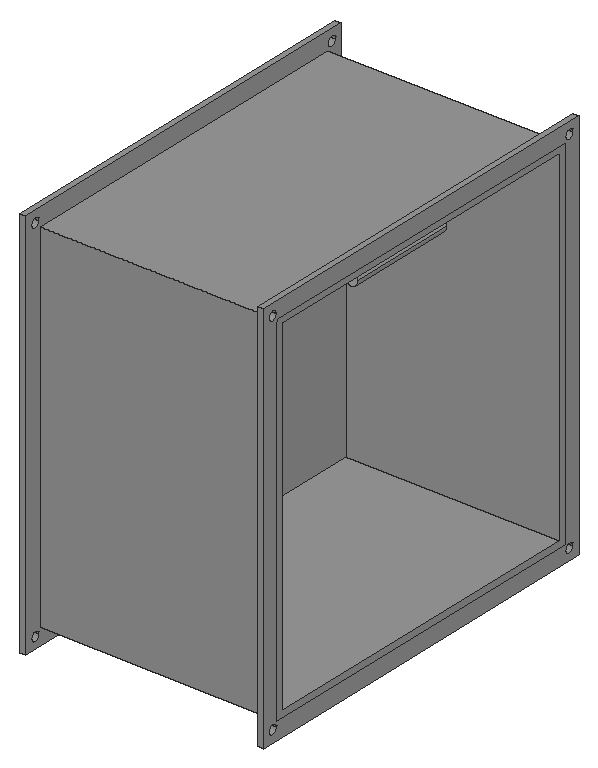
Revit family "КПДУ_Eng", category Duct Accessories, Revit 2021
Family settings
  Round Connector Dimension = Use Diameter
  Part Type = Attaches To
  Work Plane-Based = No
  Always vertical = Yes
  Cut with Voids When Loaded = No
  Shared = No
Parameters (values of type "KPDU-300х300-2-PV230-CN")
  Width = B2  # 340 mm
  Weight = 6.50 kg
  Voltage = 230 V
  Pressure_Static_Air [instance] = 0.0 Pa
  Maximum Air Flow = 0.0 L/s
  Load Classification = "HVAC"
  Length = 210 mm  # constant formula
  Height = H2  # 340 mm
  Frequency = 50 Hz  # constant formula
  Apparent Load = 12 VA
  Air Flow [instance] = 0.0 L/s
  Actuator location (outside) = yes
  Actuator location (inside) = no
  Default Elevation = 0 mm
  Type Comments = ""
  Number of sashes = "1"
  Manufacturer = "Vents"  # constant formula
  Two flanges [instance] = yes
  URL = "https://ventilation-system.com/series/kpdu"
  Hn = H + 10 mm  # 310 mm
  H3 = H / 2 - 100 mm  # 50 mm
  H2 = 340 mm
  H1 = 320 mm
  H = 300 mm
  Bn = B + 10 mm  # 310 mm
  B3 = B1 / 2  # 160 mm
  B2 = 340 mm
  Maintenance zone material = none
  Casing Material = Steel, galvanized
  B1 = 320 mm
  B = 300 mm
  09_System_Name [instance] = ""
  00_20_Type = "KPDU-300х300-2-PV230-CN"
  00_20_Name = "Multi-purpose fire safety smoke damper"  # constant formula
  00_20_Manufacturer = "Vents"  # constant formula
Types (185, lengths in mm): name | Width | Weight | Voltage | Height | Apparent Load | Actuator location (outside) | Actuator location (inside) | Number of sashes | Two flanges | Hn | H3 | H2 | H1 | H | Bn | B3 | B2 | B1 | B | 00_20_Type
  (no name) | 340 | 6.50 kg | 230 V | 340 | 12 VA | yes | no | "1" | yes | 310 | 50 | 340 | 320 | 300 | 310 | 160 | 340 | 320 | 300 | "KPDU-300х300-2-PV230-CN"
  KPDU-300х300-2-PV24-CN | 340 | 6.50 kg | 24 V | 340 | 9 VA | yes | no | "1" | yes | 310 | 50 | 340 | 320 | 300 | 310 | 160 | 340 | 320 | 300 | "KPDU-300х300-2-PV24-CN"
  KPDU-1400х1400-2-PV24-CN | 1460 | 52.00 kg | 24 V | 1460 | 18 VA | yes | no | "5" | yes | 1410 | 600 | 1460 | 1430 | 1400 | 1410 | 715 | 1460 | 1430 | 1400 | "KPDU-1400х1400-2-PV24-CN"
  KPDU-300х300-1-PV24-CN | 340 | 6.50 kg | 24 V | 340 | 9 VA | yes | no | "1" | no | 310 | 50 | 340 | 320 | 300 | 310 | 160 | 340 | 320 | 300 | "KPDU-300х300-1-PV24-CN"
  KPDU-1400х1400-1-PV24-CN | 1460 | 52.00 kg | 24 V | 1460 | 18 VA | yes | no | "5" | no | 1410 | 600 | 1460 | 1430 | 1400 | 1410 | 715 | 1460 | 1430 | 1400 | "KPDU-1400х1400-1-PV24-CN"
  KPDU-300х300-1-PV24-VN | 340 | 6.50 kg | 24 V | 340 | 9 VA | no | yes | "1" | no | 310 | 50 | 340 | 320 | 300 | 310 | 160 | 340 | 320 | 300 | "KPDU-300х300-1-PV24-VN"
  KPDU-300х300-2-PV24-VN | 340 | 6.50 kg | 24 V | 340 | 9 VA | no | yes | "1" | yes | 310 | 50 | 340 | 320 | 300 | 310 | 160 | 340 | 320 | 300 | "KPDU-300х300-2-PV24-VN"
  KPDU-1400х1400-1-PV24-VN | 1460 | 52.00 kg | 24 V | 1460 | 18 VA | no | yes | "5" | no | 1410 | 600 | 1460 | 1430 | 1400 | 1410 | 715 | 1460 | 1430 | 1400 | "KPDU-1400х1400-1-PV24-VN"
  KPDU-1400х1400-2-PV24-VN | 1460 | 52.00 kg | 24 V | 1460 | 18 VA | no | yes | "5" | yes | 1410 | 600 | 1460 | 1430 | 1400 | 1410 | 715 | 1460 | 1430 | 1400 | "KPDU-1400х1400-2-PV24-VN"
  KPDU-300х300-1-PV230-VN | 340 | 6.50 kg | 230 V | 340 | 12 VA | no | yes | "1" | no | 310 | 50 | 340 | 320 | 300 | 310 | 160 | 340 | 320 | 300 | "KPDU-300х300-1-PV230-VN"
  KPDU-300х300-1-PV230-CN | 340 | 6.50 kg | 230 V | 340 | 12 VA | yes | no | "1" | no | 310 | 50 | 340 | 320 | 300 | 310 | 160 | 340 | 320 | 300 | "KPDU-300х300-1-PV230-CN"
  KPDU-300х300-2-PV230-VN | 340 | 6.50 kg | 230 V | 340 | 12 VA | no | yes | "1" | yes | 310 | 50 | 340 | 320 | 300 | 310 | 160 | 340 | 320 | 300 | "KPDU-300х300-2-PV230-VN"
  KPDU-300х300-2-PV230-CN | 340 | 6.50 kg | 230 V | 340 | 12 VA | yes | no | "1" | yes | 310 | 50 | 340 | 320 | 300 | 310 | 160 | 340 | 320 | 300 | "KPDU-300х300-2-PV230-CN"
  KPDU-1400х1400-1-PV230-VN | 1460 | 52.00 kg | 230 V | 1460 | 15 VA | no | yes | "5" | no | 1410 | 600 | 1460 | 1430 | 1400 | 1410 | 715 | 1460 | 1430 | 1400 | "KPDU-1400х1400-1-PV230-VN"
  KPDU-1400х1400-1-PV230-CN | 1460 | 52.00 kg | 230 V | 1460 | 15 VA | yes | no | "5" | no | 1410 | 600 | 1460 | 1430 | 1400 | 1410 | 715 | 1460 | 1430 | 1400 | "KPDU-1400х1400-1-PV230-CN"
  KPDU-1400х1400-2-PV230-VN | 1460 | 52.00 kg | 230 V | 1460 | 15 VA | no | yes | "5" | yes | 1410 | 600 | 1460 | 1430 | 1400 | 1410 | 715 | 1460 | 1430 | 1400 | "KPDU-1400х1400-2-PV230-VN"
  KPDU-1400х1400-2-PV230-CN | 1460 | 52.00 kg | 230 V | 1460 | 15 VA | yes | no | "5" | yes | 1410 | 600 | 1460 | 1430 | 1400 | 1410 | 715 | 1460 | 1430 | 1400 | "KPDU-1400х1400-2-PV230-CN"
  KPDU-350х350-1-PV230-VN | 390 | 7.80 kg | 230 V | 390 | 12 VA | no | yes | "1" | no | 360 | 75 | 390 | 370 | 350 | 360 | 185 | 390 | 370 | 350 | "KPDU-350х350-1-PV230-VN"
  KPDU-350х350-1-PV230-CN | 390 | 7.80 kg | 230 V | 390 | 12 VA | yes | no | "1" | no | 360 | 75 | 390 | 370 | 350 | 360 | 185 | 390 | 370 | 350 | "KPDU-350х350-1-PV230-CN"
  KPDU-350х350-1-PV24-VN | 390 | 7.80 kg | 24 V | 390 | 9 VA | no | yes | "1" | no | 360 | 75 | 390 | 370 | 350 | 360 | 185 | 390 | 370 | 350 | "KPDU-350х350-1-PV24-VN"
  KPDU-350х350-1-PV24-CN | 390 | 7.80 kg | 24 V | 390 | 9 VA | yes | no | "1" | no | 360 | 75 | 390 | 370 | 350 | 360 | 185 | 390 | 370 | 350 | "KPDU-350х350-1-PV24-CN"
  KPDU-350х350-2-PV230-VN | 390 | 7.80 kg | 230 V | 390 | 12 VA | no | yes | "1" | yes | 360 | 75 | 390 | 370 | 350 | 360 | 185 | 390 | 370 | 350 | "KPDU-350х350-2-PV230-VN"
  KPDU-350х350-2-PV230-CN | 390 | 7.80 kg | 230 V | 390 | 12 VA | yes | no | "1" | yes | 360 | 75 | 390 | 370 | 350 | 360 | 185 | 390 | 370 | 350 | "KPDU-350х350-2-PV230-CN"
  KPDU-350х350-2-PV24-VN | 390 | 7.80 kg | 24 V | 390 | 9 VA | no | yes | "1" | yes | 360 | 75 | 390 | 370 | 350 | 360 | 185 | 390 | 370 | 350 | "KPDU-350х350-2-PV24-VN"
  KPDU-350х350-2-PV24-CN | 390 | 7.80 kg | 24 V | 390 | 9 VA | yes | no | "1" | yes | 360 | 75 | 390 | 370 | 350 | 360 | 185 | 390 | 370 | 350 | "KPDU-350х350-2-PV24-CN"
  KPDU-400х400-1-PV230-VN | 440 | 9.50 kg | 230 V | 440 | 12 VA | no | yes | "2" | no | 410 | 100 | 440 | 420 | 400 | 410 | 210 | 440 | 420 | 400 | "KPDU-400х400-1-PV230-VN"
  KPDU-400х400-1-PV230-CN | 440 | 9.50 kg | 230 V | 440 | 12 VA | yes | no | "2" | no | 410 | 100 | 440 | 420 | 400 | 410 | 210 | 440 | 420 | 400 | "KPDU-400х400-1-PV230-CN"
  KPDU-400х400-1-PV24-CN | 440 | 9.50 kg | 24 V | 440 | 9 VA | yes | no | "2" | no | 410 | 100 | 440 | 420 | 400 | 410 | 210 | 440 | 420 | 400 | "KPDU-400х400-1-PV24-CN"
  KPDU-400х400-1-PV24-VN | 440 | 9.50 kg | 24 V | 440 | 9 VA | no | yes | "2" | no | 410 | 100 | 440 | 420 | 400 | 410 | 210 | 440 | 420 | 400 | "KPDU-400х400-1-PV24-VN"
  KPDU-400х400-2-PV230-VN | 440 | 9.50 kg | 230 V | 440 | 12 VA | no | yes | "2" | yes | 410 | 100 | 440 | 420 | 400 | 410 | 210 | 440 | 420 | 400 | "KPDU-400х400-2-PV230-VN"
  KPDU-400х400-2-PV230-CN | 440 | 9.50 kg | 230 V | 440 | 12 VA | yes | no | "2" | yes | 410 | 100 | 440 | 420 | 400 | 410 | 210 | 440 | 420 | 400 | "KPDU-400х400-2-PV230-CN"
  KPDU-400х400-2-PV24-VN | 440 | 9.50 kg | 24 V | 440 | 9 VA | no | yes | "2" | yes | 410 | 100 | 440 | 420 | 400 | 410 | 210 | 440 | 420 | 400 | "KPDU-400х400-2-PV24-VN"
  KPDU-400х400-2-PV24-CN | 440 | 9.50 kg | 24 V | 440 | 9 VA | yes | no | "2" | yes | 410 | 100 | 440 | 420 | 400 | 410 | 210 | 440 | 420 | 400 | "KPDU-400х400-2-PV24-CN"
  KPDU-450х450-1-PV230-VN | 490 | 11.30 kg | 230 V | 490 | 12 VA | no | yes | "2" | no | 460 | 125 | 490 | 470 | 450 | 460 | 235 | 490 | 470 | 450 | "KPDU-450х450-1-PV230-VN"
  KPDU-450х450-1-PV230-CN | 490 | 11.30 kg | 230 V | 490 | 12 VA | yes | no | "2" | no | 460 | 125 | 490 | 470 | 450 | 460 | 235 | 490 | 470 | 450 | "KPDU-450х450-1-PV230-CN"
  KPDU-450х450-1-PV24-VN | 490 | 11.30 kg | 24 V | 490 | 9 VA | no | yes | "2" | no | 460 | 125 | 490 | 470 | 450 | 460 | 235 | 490 | 470 | 450 | "KPDU-450х450-1-PV24-VN"
  KPDU-450х450-1-PV24-CN | 490 | 11.30 kg | 24 V | 490 | 9 VA | yes | no | "2" | no | 460 | 125 | 490 | 470 | 450 | 460 | 235 | 490 | 470 | 450 | "KPDU-450х450-1-PV24-CN"
  KPDU-450х450-2-PV230-VN | 490 | 11.30 kg | 230 V | 490 | 12 VA | no | yes | "2" | yes | 460 | 125 | 490 | 470 | 450 | 460 | 235 | 490 | 470 | 450 | "KPDU-450х450-2-PV230-VN"
  KPDU-450х450-2-PV230-CN | 490 | 11.30 kg | 230 V | 490 | 12 VA | yes | no | "2" | yes | 460 | 125 | 490 | 470 | 450 | 460 | 235 | 490 | 470 | 450 | "KPDU-450х450-2-PV230-CN"
  KPDU-450х450-2-PV24-VN | 490 | 11.30 kg | 24 V | 490 | 9 VA | no | yes | "2" | yes | 460 | 125 | 490 | 470 | 450 | 460 | 235 | 490 | 470 | 450 | "KPDU-450х450-2-PV24-VN"
  KPDU-450х450-2-PV24-CN | 490 | 11.30 kg | 24 V | 490 | 9 VA | yes | no | "2" | yes | 460 | 125 | 490 | 470 | 450 | 460 | 235 | 490 | 470 | 450 | "KPDU-450х450-2-PV24-CN"
  KPDU-500х500-1-PV230-VN | 540 | 12.10 kg | 230 V | 540 | 12 VA | no | yes | "2" | no | 510 | 150 | 540 | 520 | 500 | 510 | 260 | 540 | 520 | 500 | "KPDU-500х500-1-PV230-VN"
  KPDU-500х500-1-PV230-CN | 540 | 12.10 kg | 230 V | 540 | 12 VA | yes | no | "2" | no | 510 | 150 | 540 | 520 | 500 | 510 | 260 | 540 | 520 | 500 | "KPDU-500х500-1-PV230-CN"
  KPDU-500х500-1-PV24-VN | 540 | 12.10 kg | 24 V | 540 | 9 VA | no | yes | "2" | no | 510 | 150 | 540 | 520 | 500 | 510 | 260 | 540 | 520 | 500 | "KPDU-500х500-1-PV24-VN"
  KPDU-500х500-1-PV24-CN | 540 | 12.10 kg | 24 V | 540 | 9 VA | yes | no | "2" | no | 510 | 150 | 540 | 520 | 500 | 510 | 260 | 540 | 520 | 500 | "KPDU-500х500-1-PV24-CN"
  KPDU-500х500-2-PV230-VN | 540 | 12.10 kg | 230 V | 540 | 12 VA | no | yes | "2" | yes | 510 | 150 | 540 | 520 | 500 | 510 | 260 | 540 | 520 | 500 | "KPDU-500х500-2-PV230-VN"
  KPDU-500х500-2-PV230-CN | 540 | 12.10 kg | 230 V | 540 | 12 VA | yes | no | "2" | yes | 510 | 150 | 540 | 520 | 500 | 510 | 260 | 540 | 520 | 500 | "KPDU-500х500-2-PV230-CN"
  KPDU-500х500-2-PV24-VN | 540 | 12.10 kg | 24 V | 540 | 9 VA | no | yes | "2" | yes | 510 | 150 | 540 | 520 | 500 | 510 | 260 | 540 | 520 | 500 | "KPDU-500х500-2-PV24-VN"
  KPDU-500х500-2-PV24-CN | 540 | 12.10 kg | 24 V | 540 | 9 VA | yes | no | "2" | yes | 510 | 150 | 540 | 520 | 500 | 510 | 260 | 540 | 520 | 500 | "KPDU-500х500-2-PV24-CN"
  KPDU-550х550-1-PV230-VN | 610 | 14.20 kg | 230 V | 610 | 15 VA | no | yes | "2" | no | 560 | 175 | 610 | 580 | 550 | 560 | 290 | 610 | 580 | 550 | "KPDU-550х550-1-PV230-VN"
  KPDU-550х550-1-PV230-CN | 610 | 14.20 kg | 230 V | 610 | 15 VA | yes | no | "2" | no | 560 | 175 | 610 | 580 | 550 | 560 | 290 | 610 | 580 | 550 | "KPDU-550х550-1-PV230-CN"
  KPDU-550х550-1-PV24-VN | 610 | 14.20 kg | 24 V | 610 | 18 VA | no | yes | "2" | no | 560 | 175 | 610 | 580 | 550 | 560 | 290 | 610 | 580 | 550 | "KPDU-550х550-1-PV24-VN"
  KPDU-550х550-1-PV24-CN | 610 | 14.20 kg | 24 V | 610 | 18 VA | yes | no | "2" | no | 560 | 175 | 610 | 580 | 550 | 560 | 290 | 610 | 580 | 550 | "KPDU-550х550-1-PV24-CN"
  KPDU-550х550-2-PV230-VN | 610 | 14.20 kg | 230 V | 610 | 15 VA | no | yes | "2" | yes | 560 | 175 | 610 | 580 | 550 | 560 | 290 | 610 | 580 | 550 | "KPDU-550х550-2-PV230-VN"
  KPDU-550х550-2-PV230-CN | 610 | 14.20 kg | 230 V | 610 | 15 VA | yes | no | "У" | yes | 560 | 175 | 610 | 580 | 550 | 560 | 290 | 610 | 580 | 550 | "KPDU-550х550-2-PV230-CN"
  KPDU-550х550-2-PV24-VN | 610 | 14.20 kg | 24 V | 610 | 18 VA | no | yes | "2" | yes | 560 | 175 | 610 | 580 | 550 | 560 | 290 | 610 | 580 | 550 | "KPDU-550х550-2-PV24-VN"
  KPDU-550х550-2-PV24-CN | 610 | 14.20 kg | 24 V | 610 | 18 VA | yes | no | "2" | yes | 560 | 175 | 610 | 580 | 550 | 560 | 290 | 610 | 580 | 550 | "KPDU-550х550-2-PV24-CN"
  KPDU-600х600-1-PV230-VN | 660 | 17.00 kg | 230 V | 660 | 15 VA | no | yes | "3" | no | 610 | 200 | 660 | 630 | 600 | 610 | 315 | 660 | 630 | 600 | "KPDU-600х600-1-PV230-VN"
  KPDU-600х600-1-PV230-CN | 660 | 17.00 kg | 230 V | 660 | 15 VA | yes | no | "3" | no | 610 | 200 | 660 | 630 | 600 | 610 | 315 | 660 | 630 | 600 | "KPDU-600х600-1-PV230-CN"
  KPDU-600х600-1-PV24-VN | 660 | 17.00 kg | 24 V | 660 | 18 VA | no | yes | "3" | no | 610 | 200 | 660 | 630 | 600 | 610 | 315 | 660 | 630 | 600 | "KPDU-600х600-1-PV24-VN"
  KPDU-600х600-1-PV24-CN | 660 | 17.00 kg | 24 V | 660 | 18 VA | yes | no | "3" | no | 610 | 200 | 660 | 630 | 600 | 610 | 315 | 660 | 630 | 600 | "KPDU-600х600-1-PV24-CN"
  KPDU-600х600-2-PV230-VN | 660 | 17.00 kg | 230 V | 660 | 15 VA | no | yes | "3" | yes | 610 | 200 | 660 | 630 | 600 | 610 | 315 | 660 | 630 | 600 | "KPDU-600х600-2-PV230-VN"
  KPDU-600х600-2-PV230-CN | 660 | 17.00 kg | 230 V | 660 | 15 VA | yes | no | "3" | yes | 610 | 200 | 660 | 630 | 600 | 610 | 315 | 660 | 630 | 600 | "KPDU-600х600-2-PV230-CN"
  KPDU-600х600-2-PV24-VN | 660 | 17.00 kg | 24 V | 660 | 18 VA | no | yes | "3" | yes | 610 | 200 | 660 | 630 | 600 | 610 | 315 | 660 | 630 | 600 | "KPDU-600х600-2-PV24-VN"
  KPDU-600х600-2-PV24-CN | 660 | 17.00 kg | 24 V | 660 | 18 VA | yes | no | "3" | yes | 610 | 200 | 660 | 630 | 600 | 610 | 315 | 660 | 630 | 600 | "KPDU-600х600-2-PV24-CN"
  KPDU-650х650-1-PV230-VN | 710 | 19.00 kg | 230 V | 710 | 15 VA | no | yes | "3" | no | 660 | 225 | 710 | 680 | 650 | 660 | 340 | 710 | 680 | 650 | "KPDU-650х650-1-PV230-VN"
  KPDU-650х650-1-PV230-CN | 710 | 19.00 kg | 230 V | 710 | 15 VA | yes | no | "3" | no | 660 | 225 | 710 | 680 | 650 | 660 | 340 | 710 | 680 | 650 | "KPDU-650х650-1-PV230-CN"
  KPDU-650х650-1-PV24-VN | 710 | 19.00 kg | 24 V | 710 | 18 VA | no | yes | "3" | no | 660 | 225 | 710 | 680 | 650 | 660 | 340 | 710 | 680 | 650 | "KPDU-650х650-1-PV24-VN"
  KPDU-650х650-1-PV24-CN | 710 | 19.00 kg | 24 V | 710 | 18 VA | yes | no | "3" | no | 660 | 225 | 710 | 680 | 650 | 660 | 340 | 710 | 680 | 650 | "KPDU-650х650-1-PV24-CN"
  KPDU-650х650-2-PV230-VN | 710 | 19.00 kg | 230 V | 710 | 15 VA | no | yes | "3" | yes | 660 | 225 | 710 | 680 | 650 | 660 | 340 | 710 | 680 | 650 | "KPDU-650х650-2-PV230-VN"
  KPDU-650х650-2-PV230-CN | 710 | 19.00 kg | 230 V | 710 | 15 VA | yes | no | "3" | yes | 660 | 225 | 710 | 680 | 650 | 660 | 340 | 710 | 680 | 650 | "KPDU-650х650-2-PV230-CN"
  KPDU-650х650-2-PV24-VN | 710 | 19.00 kg | 24 V | 710 | 18 VA | no | yes | "3" | yes | 660 | 225 | 710 | 680 | 650 | 660 | 340 | 710 | 680 | 650 | "KPDU-650х650-2-PV24-VN"
  KPDU-650х650-2-PV24-CN | 710 | 19.00 kg | 24 V | 710 | 18 VA | yes | no | "3" | yes | 660 | 225 | 710 | 680 | 650 | 660 | 340 | 710 | 680 | 650 | "KPDU-650х650-2-PV24-CN"
  KPDU-700х700-1-PV230-VN | 760 | 20.30 kg | 230 V | 760 | 15 VA | no | yes | "3" | no | 710 | 250 | 760 | 730 | 700 | 710 | 365 | 760 | 730 | 700 | "KPDU-700х700-1-PV230-VN"
  KPDU-700х700-1-PV230-CN | 760 | 20.30 kg | 230 V | 760 | 15 VA | yes | no | "3" | no | 710 | 250 | 760 | 730 | 700 | 710 | 365 | 760 | 730 | 700 | "KPDU-700х700-1-PV230-CN"
  KPDU-700х700-1-PV24-VN | 760 | 20.30 kg | 24 V | 760 | 18 VA | no | yes | "3" | no | 710 | 250 | 760 | 730 | 700 | 710 | 365 | 760 | 730 | 700 | "KPDU-700х700-1-PV24-VN"
  KPDU-700х700-1-PV24-CN | 760 | 20.30 kg | 24 V | 760 | 18 VA | yes | no | "3" | no | 710 | 250 | 760 | 730 | 700 | 710 | 365 | 760 | 730 | 700 | "KPDU-700х700-1-PV24-CN"
  KPDU-700х700-2-PV230-VN | 760 | 20.30 kg | 230 V | 760 | 15 VA | no | yes | "3" | yes | 710 | 250 | 760 | 730 | 700 | 710 | 365 | 760 | 730 | 700 | "KPDU-700х700-2-PV230-VN"
  KPDU-700х700-2-PV230-CN | 760 | 20.30 kg | 230 V | 760 | 15 VA | yes | no | "3" | yes | 710 | 250 | 760 | 730 | 700 | 710 | 365 | 760 | 730 | 700 | "KPDU-700х700-2-PV230-CN"
  KPDU-700х700-2-PV24-VN | 760 | 20.30 kg | 24 V | 760 | 18 VA | no | yes | "3" | yes | 710 | 250 | 760 | 730 | 700 | 710 | 365 | 760 | 730 | 700 | "KPDU-700х700-2-PV24-VN"
  KPDU-700х700-2-PV24-CN | 760 | 20.30 kg | 24 V | 760 | 18 VA | yes | no | "3" | yes | 710 | 250 | 760 | 730 | 700 | 710 | 365 | 760 | 730 | 700 | "KPDU-700х700-2-PV24-CN"
  KPDU-750х750-1-PV230-VN | 810 | 22.10 kg | 230 V | 810 | 15 VA | no | yes | "3" | no | 760 | 275 | 810 | 780 | 750 | 760 | 390 | 810 | 780 | 750 | "KPDU-750х750-1-PV230-VN"
  KPDU-750х750-1-PV230-CN | 810 | 22.10 kg | 230 V | 810 | 15 VA | yes | no | "3" | no | 760 | 275 | 810 | 780 | 750 | 760 | 390 | 810 | 780 | 750 | "KPDU-750х750-1-PV230-CN"
  KPDU-750х750-1-PV24-VN | 810 | 22.10 kg | 24 V | 810 | 18 VA | no | yes | "3" | no | 760 | 275 | 810 | 780 | 750 | 760 | 390 | 810 | 780 | 750 | "KPDU-750х750-1-PV24-VN"
  KPDU-750х750-1-PV24-CN | 810 | 22.10 kg | 24 V | 810 | 18 VA | yes | no | "3" | no | 760 | 275 | 810 | 780 | 750 | 760 | 390 | 810 | 780 | 750 | "KPDU-750х750-1-PV24-CN"
  KPDU-750х750-2-PV230-VN | 810 | 22.10 kg | 230 V | 810 | 15 VA | no | yes | "3" | yes | 760 | 275 | 810 | 780 | 750 | 760 | 390 | 810 | 780 | 750 | "KPDU-750х750-2-PV230-VN"
  KPDU-750х750-2-PV230-CN | 810 | 22.10 kg | 230 V | 810 | 15 VA | yes | no | "3" | yes | 760 | 275 | 810 | 780 | 750 | 760 | 390 | 810 | 780 | 750 | "KPDU-750х750-2-PV230-CN"
  KPDU-750х750-2-PV24-VN | 810 | 22.10 kg | 24 V | 810 | 18 VA | no | yes | "3" | yes | 760 | 275 | 810 | 780 | 750 | 760 | 390 | 810 | 780 | 750 | "KPDU-750х750-2-PV24-VN"
  KPDU-750х750-2-PV24-CN | 810 | 22.10 kg | 24 V | 810 | 18 VA | yes | no | "3" | yes | 760 | 275 | 810 | 780 | 750 | 760 | 390 | 810 | 780 | 750 | "KPDU-750х750-2-PV24-CN"
  KPDU-800х800-1-PV230-VN | 860 | 24.80 kg | 230 V | 860 | 15 VA | no | yes | "4" | no | 810 | 300 | 860 | 830 | 800 | 810 | 415 | 860 | 830 | 800 | "KPDU-800х800-1-PV230-VN"
  KPDU-800х800-1-PV230-CN | 860 | 24.80 kg | 230 V | 860 | 15 VA | yes | no | "4" | no | 810 | 300 | 860 | 830 | 800 | 810 | 415 | 860 | 830 | 800 | "KPDU-800х800-1-PV230-CN"
  KPDU-800х800-1-PV24-VN | 860 | 24.80 kg | 24 V | 860 | 18 VA | no | yes | "4" | no | 810 | 300 | 860 | 830 | 800 | 810 | 415 | 860 | 830 | 800 | "KPDU-800х800-1-PV24-VN"
  KPDU-800х800-1-PV24-CN | 860 | 24.80 kg | 24 V | 860 | 18 VA | yes | no | "4" | no | 810 | 300 | 860 | 830 | 800 | 810 | 415 | 860 | 830 | 800 | "KPDU-800х800-1-PV24-CN"
  KPDU-800х800-2-PV230-VN | 860 | 24.80 kg | 230 V | 860 | 15 VA | no | yes | "4" | yes | 810 | 300 | 860 | 830 | 800 | 810 | 415 | 860 | 830 | 800 | "KPDU-800х800-2-PV230-VN"
  KPDU-800х800-2-PV230-CN | 860 | 24.80 kg | 230 V | 860 | 15 VA | yes | no | "4" | yes | 810 | 300 | 860 | 830 | 800 | 810 | 415 | 860 | 830 | 800 | "KPDU-800х800-2-PV230-CN"
  KPDU-800х800-2-PV24-VN | 860 | 24.80 kg | 24 V | 860 | 18 VA | no | yes | "4" | yes | 810 | 300 | 860 | 830 | 800 | 810 | 415 | 860 | 830 | 800 | "KPDU-800х800-2-PV24-VN"
  KPDU-800х800-2-PV24-CN | 860 | 24.80 kg | 24 V | 860 | 18 VA | yes | no | "4" | yes | 810 | 300 | 860 | 830 | 800 | 810 | 415 | 860 | 830 | 800 | "KPDU-800х800-2-PV24-CN"
  KPDU-850х850-1-PV230-VN | 910 | 26.80 kg | 230 V | 910 | 15 VA | no | yes | "4" | no | 860 | 325 | 910 | 880 | 850 | 860 | 440 | 910 | 880 | 850 | "KPDU-850х850-1-PV230-VN"
  KPDU-850х850-1-PV230-CN | 910 | 26.80 kg | 230 V | 910 | 15 VA | yes | no | "4" | no | 860 | 325 | 910 | 880 | 850 | 860 | 440 | 910 | 880 | 850 | "KPDU-850х850-1-PV230-CN"
  KPDU-850х850-1-PV24-VN | 910 | 26.80 kg | 24 V | 910 | 18 VA | no | yes | "4" | no | 860 | 325 | 910 | 880 | 850 | 860 | 440 | 910 | 880 | 850 | "KPDU-850х850-1-PV24-VN"
  KPDU-850х850-1-PV24-CN | 910 | 26.80 kg | 24 V | 910 | 18 VA | yes | no | "4" | no | 860 | 325 | 910 | 880 | 850 | 860 | 440 | 910 | 880 | 850 | "KPDU-850х850-1-PV24-CN"
  KPDU-850х850-2-PV230-VN | 910 | 26.80 kg | 230 V | 910 | 15 VA | no | yes | "4" | yes | 860 | 325 | 910 | 880 | 850 | 860 | 440 | 910 | 880 | 850 | "KPDU-850х850-2-PV230-VN"
  KPDU-850х850-2-PV230-CN | 910 | 26.80 kg | 230 V | 910 | 15 VA | yes | no | "4" | yes | 860 | 325 | 910 | 880 | 850 | 860 | 440 | 910 | 880 | 850 | "KPDU-850х850-2-PV230-CN"
  KPDU-850х850-2-PV24-VN | 910 | 26.80 kg | 24 V | 910 | 18 VA | no | yes | "4" | yes | 860 | 325 | 910 | 880 | 850 | 860 | 440 | 910 | 880 | 850 | "KPDU-850х850-2-PV24-VN"
  KPDU-850х850-2-PV24-CN | 910 | 26.80 kg | 24 V | 910 | 18 VA | yes | no | "4" | yes | 860 | 325 | 910 | 880 | 850 | 860 | 440 | 910 | 880 | 850 | "KPDU-850х850-2-PV24-CN"
  KPDU-900х900-1-PV230-VN | 960 | 28.80 kg | 230 V | 960 | 15 VA | no | yes | "4" | no | 910 | 350 | 960 | 930 | 900 | 910 | 465 | 960 | 930 | 900 | "KPDU-900х900-1-PV230-VN"
  KPDU-900х900-1-PV230-CN | 960 | 28.80 kg | 230 V | 960 | 15 VA | yes | no | "4" | no | 910 | 350 | 960 | 930 | 900 | 910 | 465 | 960 | 930 | 900 | "KPDU-900х900-1-PV230-CN"
  KPDU-900х900-1-PV24-VN | 960 | 28.80 kg | 24 V | 960 | 18 VA | no | yes | "4" | no | 910 | 350 | 960 | 930 | 900 | 910 | 465 | 960 | 930 | 900 | "KPDU-900х900-1-PV24-VN"
  KPDU-900х900-1-PV24-CN | 960 | 28.80 kg | 24 V | 960 | 18 VA | yes | no | "4" | no | 910 | 350 | 960 | 930 | 900 | 910 | 465 | 960 | 930 | 900 | "KPDU-900х900-1-PV24-CN"
  KPDU-900х900-2-PV230-VN | 960 | 28.80 kg | 230 V | 960 | 15 VA | no | yes | "4" | yes | 910 | 350 | 960 | 930 | 900 | 910 | 465 | 960 | 930 | 900 | "KPDU-900х900-2-PV230-VN"
  KPDU-900х900-2-PV230-CN | 960 | 28.80 kg | 230 V | 960 | 15 VA | yes | no | "4" | yes | 910 | 350 | 960 | 930 | 900 | 910 | 465 | 960 | 930 | 900 | "KPDU-900х900-2-PV230-CN"
  KPDU-900х900-2-PV24-VN | 960 | 28.80 kg | 24 V | 960 | 18 VA | no | yes | "4" | yes | 910 | 350 | 960 | 930 | 900 | 910 | 465 | 960 | 930 | 900 | "KPDU-900х900-2-PV24-VN"
  KPDU-900х900-2-PV24-CN | 960 | 28.80 kg | 24 V | 960 | 18 VA | yes | no | "4" | yes | 910 | 350 | 960 | 930 | 900 | 910 | 465 | 960 | 930 | 900 | "KPDU-900х900-2-PV24-CN"
  KPDU-950х950-1-PV230-VN | 1010 | 30.80 kg | 230 V | 1010 | 15 VA | no | yes | "4" | no | 960 | 375 | 1010 | 980 | 950 | 960 | 490 | 1010 | 980 | 950 | "KPDU-950х950-1-PV230-VN"
  KPDU-950х950-1-PV230-CN | 1010 | 30.80 kg | 230 V | 1010 | 15 VA | yes | no | "4" | no | 960 | 375 | 1010 | 980 | 950 | 960 | 490 | 1010 | 980 | 950 | "KPDU-950х950-1-PV230-CN"
  KPDU-950х950-1-PV24-VN | 1010 | 30.80 kg | 24 V | 1010 | 18 VA | no | yes | "4" | no | 960 | 375 | 1010 | 980 | 950 | 960 | 490 | 1010 | 980 | 950 | "KPDU-950х950-1-PV24-VN"
  KPDU-950х950-1-PV24-CN | 1010 | 30.80 kg | 24 V | 1010 | 18 VA | yes | no | "4" | no | 960 | 375 | 1010 | 980 | 950 | 960 | 490 | 1010 | 980 | 950 | "KPDU-950х950-1-PV24-CN"
  KPDU-950х950-2-PV230-VN | 1010 | 30.80 kg | 230 V | 1010 | 15 VA | no | yes | "4" | yes | 960 | 375 | 1010 | 980 | 950 | 960 | 490 | 1010 | 980 | 950 | "KPDU-950х950-2-PV230-VN"
  KPDU-950х950-2-PV230-CN | 1010 | 30.80 kg | 230 V | 1010 | 15 VA | yes | no | "4" | yes | 960 | 375 | 1010 | 980 | 950 | 960 | 490 | 1010 | 980 | 950 | "KPDU-950х950-2-PV230-CN"
  KPDU-950х950-2-PV24-VN | 1010 | 30.80 kg | 24 V | 1010 | 18 VA | no | yes | "4" | yes | 960 | 375 | 1010 | 980 | 950 | 960 | 490 | 1010 | 980 | 950 | "KPDU-950х950-2-PV24-VN"
  KPDU-950х950-2-PV24-CN | 1010 | 30.80 kg | 24 V | 1010 | 18 VA | yes | no | "4" | yes | 960 | 375 | 1010 | 980 | 950 | 960 | 490 | 1010 | 980 | 950 | "KPDU-950х950-2-PV24-CN"
  KPDU-1000х1000-1-PV230-VN | 1060 | 32.80 kg | 230 V | 1060 | 15 VA | no | yes | "4" | no | 1010 | 400 | 1060 | 1030 | 1000 | 1010 | 515 | 1060 | 1030 | 1000 | "KPDU-1000х1000-1-PV230-VN"
  KPDU-1000х1000-1-PV230-CN | 1060 | 32.50 kg | 230 V | 1060 | 15 VA | yes | no | "4" | no | 1010 | 400 | 1060 | 1030 | 1000 | 1010 | 515 | 1060 | 1030 | 1000 | "KPDU-1000х1000-1-PV230-CN"
  KPDU-1000х1000-1-PV24-VN | 1060 | 32.80 kg | 24 V | 1060 | 18 VA | no | yes | "4" | no | 1010 | 400 | 1060 | 1030 | 1000 | 1010 | 515 | 1060 | 1030 | 1000 | "KPDU1000х1000-1-PV24-VN"
  KPDU-1000х1000-1-PV24-CN | 1060 | 32.80 kg | 24 V | 1060 | 18 VA | yes | no | "4" | no | 1010 | 400 | 1060 | 1030 | 1000 | 1010 | 515 | 1060 | 1030 | 1000 | "KPDU-1000х1000-1-PV24-CN"
  KPDU-1000х1000-2-PV230-VN | 1060 | 32.80 kg | 230 V | 1060 | 15 VA | no | yes | "4" | yes | 1010 | 400 | 1060 | 1030 | 1000 | 1010 | 515 | 1060 | 1030 | 1000 | "KPDU-1000х1000-2-PV230-VN"
  KPDU-1000х1000-2-PV230-CN | 1060 | 32.80 kg | 230 V | 1060 | 15 VA | yes | no | "4" | yes | 1010 | 400 | 1060 | 1030 | 1000 | 1010 | 515 | 1060 | 1030 | 1000 | "KPDU-1000х1000-2-PV230-CN"
  KPDU-1000х1000-2-PV24-VN | 1060 | 32.80 kg | 24 V | 1060 | 18 VA | no | yes | "4" | yes | 1010 | 400 | 1060 | 1030 | 1000 | 1010 | 515 | 1060 | 1030 | 1000 | "KPDU-1000х1000-2-PV24-VN"
  KPDU-1000х1000-2-PV24-CN | 1060 | 32.80 kg | 24 V | 1060 | 18 VA | yes | no | "4" | yes | 1010 | 400 | 1060 | 1030 | 1000 | 1010 | 515 | 1060 | 1030 | 1000 | "KPDU-1000х1000-2-PV24-CN"
  KPDU-1050х1050-1-PV230-VN | 1110 | 34.80 kg | 230 V | 1110 | 15 VA | no | yes | "4" | no | 1060 | 425 | 1110 | 1080 | 1050 | 1060 | 540 | 1110 | 1080 | 1050 | "KPDU-1050х1050-1-PV230-VN"
  KPDU-1050х1050-1-PV230-CN | 1110 | 34.80 kg | 230 V | 1110 | 15 VA | yes | no | "4" | no | 1060 | 425 | 1110 | 1080 | 1050 | 1060 | 540 | 1110 | 1080 | 1050 | "KPDU-1050х1050-1-PV230-CN"
  KPDU-1050х1050-1-PV24-VN | 1110 | 34.80 kg | 24 V | 1110 | 18 VA | no | yes | "4" | no | 1060 | 425 | 1110 | 1080 | 1050 | 1060 | 540 | 1110 | 1080 | 1050 | "KPDU-1050х1050-1-PV24-VN"
  KPDU-1050х1050-1-PV24-CN | 1110 | 34.80 kg | 24 V | 1110 | 18 VA | yes | no | "4" | no | 1060 | 425 | 1110 | 1080 | 1050 | 1060 | 540 | 1110 | 1080 | 1050 | "KPDU-1050х1050-1-PV24-CN"
  KPDU-1050х1050-2-PV230-VN | 1110 | 34.80 kg | 230 V | 1110 | 15 VA | no | yes | "4" | yes | 1060 | 425 | 1110 | 1080 | 1050 | 1060 | 540 | 1110 | 1080 | 1050 | "KPDU-1050х1050-2-PV230-VN"
  KPDU-1050х1050-2-PV230-CN | 1110 | 34.80 kg | 230 V | 1110 | 15 VA | yes | no | "4" | yes | 1060 | 425 | 1110 | 1080 | 1050 | 1060 | 540 | 1110 | 1080 | 1050 | "KPDU-1050х1050-2-PV230-CN"
  KPDU-1050х1050-2-PV24-VN | 1110 | 34.80 kg | 24 V | 1110 | 18 VA | no | yes | "4" | yes | 1060 | 425 | 1110 | 1080 | 1050 | 1060 | 540 | 1110 | 1080 | 1050 | "KPDU-1050х1050-2-PV24-VN"
  KPDU-1050х1050-2-PV24-CN | 1110 | 34.80 kg | 24 V | 1110 | 18 VA | yes | no | "4" | yes | 1060 | 425 | 1110 | 1080 | 1050 | 1060 | 540 | 1110 | 1080 | 1050 | "KPDU-1050х1050-2-PV24-CN"
  KPDU-1100х1100-1-PV230-VN | 1160 | 36.80 kg | 230 V | 1160 | 15 VA | no | yes | "4" | no | 1110 | 450 | 1160 | 1130 | 1100 | 1110 | 565 | 1160 | 1130 | 1100 | "KPDU-1100х1100-1-PV230-VN"
  KPDU-1100х1100-1-PV230-CN | 1160 | 36.80 kg | 230 V | 1160 | 15 VA | yes | no | "4" | no | 1110 | 450 | 1160 | 1130 | 1100 | 1110 | 565 | 1160 | 1130 | 1100 | "KPDU-1100х1100-1-PV230-CN"
  KPDU-1100х1100-1-PV24-VN | 1160 | 36.80 kg | 24 V | 1160 | 18 VA | no | yes | "4" | no | 1110 | 450 | 1160 | 1130 | 1100 | 1110 | 565 | 1160 | 1130 | 1100 | "KPDU-1100х1100-1-PV24-VN"
  KPDU-1100х1100-1-PV24-CN | 1160 | 36.80 kg | 24 V | 1160 | 18 VA | yes | no | "4" | no | 1110 | 450 | 1160 | 1130 | 1100 | 1110 | 565 | 1160 | 1130 | 1100 | "KPDU-1100х1100-1-PV24-CN"
  KPDU-1100х1100-2-PV230-VN | 1160 | 36.80 kg | 230 V | 1160 | 15 VA | no | yes | "4" | yes | 1110 | 450 | 1160 | 1130 | 1100 | 1110 | 565 | 1160 | 1130 | 1100 | "KPDU-1100х1100-2-PV230-VN"
  KPDU-1100х1100-2-PV230-CN | 1160 | 36.80 kg | 230 V | 1160 | 15 VA | yes | no | "4" | yes | 1110 | 450 | 1160 | 1130 | 1100 | 1110 | 565 | 1160 | 1130 | 1100 | "KPDU-1100х1100-2-PV230-CN"
  KPDU-1100х1100-2-PV24-VN | 1160 | 36.80 kg | 24 V | 1160 | 18 VA | no | yes | "4" | yes | 1110 | 450 | 1160 | 1130 | 1100 | 1110 | 565 | 1160 | 1130 | 1100 | "KPDU-1100х1100-2-PV24-VN"
  KPDU-1100х1100-2-PV24-CN | 1160 | 36.80 kg | 24 V | 1160 | 18 VA | yes | no | "4" | yes | 1110 | 450 | 1160 | 1130 | 1100 | 1110 | 565 | 1160 | 1130 | 1100 | "KPDU-1100х1100-2-PV24-CN"
  KPDU-1150х1150-1-PV230-VN | 1210 | 38.80 kg | 230 V | 1210 | 15 VA | no | yes | "4" | no | 1160 | 475 | 1210 | 1180 | 1150 | 1160 | 590 | 1210 | 1180 | 1150 | "KPDU-1150х1150-1-PV230-VN"
  KPDU-1150х1150-1-PV230-CN | 1210 | 38.80 kg | 230 V | 1210 | 15 VA | yes | no | "4" | no | 1160 | 475 | 1210 | 1180 | 1150 | 1160 | 590 | 1210 | 1180 | 1150 | "KPDU-1150х1150-1-PV230-CN"
  KPDU-1150х1150-1-PV24-VN | 1210 | 38.80 kg | 24 V | 1210 | 18 VA | no | yes | "4" | no | 1160 | 475 | 1210 | 1180 | 1150 | 1160 | 590 | 1210 | 1180 | 1150 | "KPDU-1150х1150-1-PV24-VN"
  KPDU-1150х1150-1-PV24-CN | 1210 | 38.80 kg | 24 V | 1210 | 18 VA | yes | no | "4" | no | 1160 | 475 | 1210 | 1180 | 1150 | 1160 | 590 | 1210 | 1180 | 1150 | "KPDU-1150х1150-1-PV24-CN"
  KPDU-1150х1150-2-PV230-VN | 1210 | 38.80 kg | 230 V | 1210 | 15 VA | no | yes | "4" | yes | 1160 | 475 | 1210 | 1180 | 1150 | 1160 | 590 | 1210 | 1180 | 1150 | "KPDU-1150х1150-2-PV230-VN"
  KPDU-1150х1150-2-PV230-CN | 1210 | 38.80 kg | 230 V | 1210 | 15 VA | yes | no | "4" | yes | 1160 | 475 | 1210 | 1180 | 1150 | 1160 | 590 | 1210 | 1180 | 1150 | "KPDU-1150х1150-2-PV230-CN"
  KPDU-1150х1150-2-PV24-VN | 1210 | 38.80 kg | 24 V | 1210 | 18 VA | no | yes | "4" | yes | 1160 | 475 | 1210 | 1180 | 1150 | 1160 | 590 | 1210 | 1180 | 1150 | "KPDU-1150х1150-2-PV24-VN"
  KPDU-1150х1150-2-PV24-CN | 1210 | 38.80 kg | 24 V | 1210 | 18 VA | yes | no | "4" | yes | 1160 | 475 | 1210 | 1180 | 1150 | 1160 | 590 | 1210 | 1180 | 1150 | "KPDU-1150х1150-2-PV24-CN"
  KPDU-1200х1200-1-PV230-VN | 1260 | 40.80 kg | 230 V | 1260 | 15 VA | no | yes | "4" | no | 1210 | 500 | 1260 | 1230 | 1200 | 1210 | 615 | 1260 | 1230 | 1200 | "KPDU-1200х1200-1-PV230-VN"
  KPDU-1200х1200-1-PV230-CN | 1260 | 40.80 kg | 230 V | 1260 | 15 VA | yes | no | "4" | no | 1210 | 500 | 1260 | 1230 | 1200 | 1210 | 615 | 1260 | 1230 | 1200 | "KPDU-1200х1200-1-PV230-CN"
  KPDU-1200х1200-1-PV24-VN | 1260 | 40.80 kg | 24 V | 1260 | 18 VA | no | yes | "4" | no | 1210 | 500 | 1260 | 1230 | 1200 | 1210 | 615 | 1260 | 1230 | 1200 | "KPDU-1200х1200-1-PV24-VN"
  KPDU-1200х1200-1-PV24-CN | 1260 | 40.80 kg | 24 V | 1260 | 18 VA | yes | no | "4" | no | 1210 | 500 | 1260 | 1230 | 1200 | 1210 | 615 | 1260 | 1230 | 1200 | "KPDU-1200х1200-1-PV24-CN"
  KPDU-1200х1200-2-PV230-VN | 1260 | 40.80 kg | 230 V | 1260 | 15 VA | no | yes | "4" | yes | 1210 | 500 | 1260 | 1230 | 1200 | 1210 | 615 | 1260 | 1230 | 1200 | "KPDU-1200х1200-2-PV230-VN"
  KPDU-1200х1200-2-PV230-CN | 1260 | 40.80 kg | 230 V | 1260 | 15 VA | yes | no | "4" | yes | 1210 | 500 | 1260 | 1230 | 1200 | 1210 | 615 | 1260 | 1230 | 1200 | "KPDU-1200х1200-2-PV230-CN"
  KPDU-1200х1200-2-PV24-VN | 1260 | 40.80 kg | 24 V | 1260 | 18 VA | no | yes | "4" | yes | 1210 | 500 | 1260 | 1230 | 1200 | 1210 | 615 | 1260 | 1230 | 1200 | "KPDU-1200х1200-2-PV24-VN"
  KPDU-1200х1200-2-PV24-CN | 1260 | 40.80 kg | 24 V | 1260 | 18 VA | yes | no | "4" | yes | 1210 | 500 | 1260 | 1230 | 1200 | 1210 | 615 | 1260 | 1230 | 1200 | "KPDU-1200х1200-2-PV24-CN"
  KPDU-1250х1250-1-PV230-VN | 1310 | 42.80 kg | 230 V | 1310 | 15 VA | no | yes | "4" | no | 1260 | 525 | 1310 | 1280 | 1250 | 1260 | 640 | 1310 | 1280 | 1250 | "KPDU-1250х1250-1-PV230-VN"
  KPDU-1250х1250-1-PV230-CN | 1310 | 42.80 kg | 230 V | 1310 | 15 VA | yes | no | "4" | no | 1260 | 525 | 1310 | 1280 | 1250 | 1260 | 640 | 1310 | 1280 | 1250 | "KPDU-1250х1250-1-PV230-CN"
  KPDU-1250х1250-1-PV24-VN | 1310 | 42.80 kg | 24 V | 1310 | 18 VA | no | yes | "4" | no | 1260 | 525 | 1310 | 1280 | 1250 | 1260 | 640 | 1310 | 1280 | 1250 | "KPDU-1250х1250-1-PV24-VN"
  KPDU-1250х1250-1-PV24-CN | 1310 | 42.80 kg | 24 V | 1310 | 18 VA | yes | no | "4" | no | 1260 | 525 | 1310 | 1280 | 1250 | 1260 | 640 | 1310 | 1280 | 1250 | "KPDU-1250х1250-1-PV24-CN"
  KPDU-1250х1250-2-PV230-VN | 1310 | 42.80 kg | 230 V | 1310 | 15 VA | no | yes | "4" | yes | 1260 | 525 | 1310 | 1280 | 1250 | 1260 | 640 | 1310 | 1280 | 1250 | "KPDU-1250х1250-2-PV230-VN"
  KPDU-1250х1250-2-PV230-CN | 1310 | 42.80 kg | 230 V | 1310 | 15 VA | yes | no | "4" | yes | 1260 | 525 | 1310 | 1280 | 1250 | 1260 | 640 | 1310 | 1280 | 1250 | "KPDU-1250х1250-2-PV230-CN"
  KPDU-1250х1250-2-PV24-VN | 1310 | 42.80 kg | 24 V | 1310 | 18 VA | no | yes | "4" | yes | 1260 | 525 | 1310 | 1280 | 1250 | 1260 | 640 | 1310 | 1280 | 1250 | "KPDU-1250х1250-2-PV24-VN"
  KPDU-1250х1250-2-PV24-CN | 1310 | 42.80 kg | 24 V | 1310 | 18 VA | yes | no | "4" | yes | 1260 | 525 | 1310 | 1280 | 1250 | 1260 | 640 | 1310 | 1280 | 1250 | "KPDU-1250х1250-2-PV24-CN"
  KPDU-1300х1300-1-PV230-VN | 1360 | 46.00 kg | 230 V | 1360 | 15 VA | no | yes | "5" | no | 1310 | 550 | 1360 | 1330 | 1300 | 1310 | 665 | 1360 | 1330 | 1300 | "KPDU-1300х1300-1-PV230-VN"
  KPDU-1300х1300-1-PV230-CN | 1360 | 46.00 kg | 230 V | 1360 | 15 VA | yes | no | "5" | no | 1310 | 550 | 1360 | 1330 | 1300 | 1310 | 665 | 1360 | 1330 | 1300 | "KPDU-1300х1300-1-PV230-CN"
  KPDU-1300х1300-1-PV24-VN | 1360 | 46.00 kg | 24 V | 1360 | 18 VA | no | yes | "5" | no | 1310 | 550 | 1360 | 1330 | 1300 | 1310 | 665 | 1360 | 1330 | 1300 | "KPDU-1300х1300-1-PV24-VN"
  KPDU-1300х1300-1-PV24-CN | 1360 | 46.00 kg | 24 V | 1360 | 18 VA | yes | no | "5" | no | 1310 | 550 | 1360 | 1330 | 1300 | 1310 | 665 | 1360 | 1330 | 1300 | "KPDU-1300х1300-1-PV24-CN"
  KPDU-1300х1300-2-PV230-VN | 1360 | 46.00 kg | 230 V | 1360 | 15 VA | no | yes | "5" | yes | 1310 | 550 | 1360 | 1330 | 1300 | 1310 | 665 | 1360 | 1330 | 1300 | "KPDU-1300х1300-2-PV230-VN"
  KPDU-1300х1300-2-PV230-CN | 1360 | 46.00 kg | 230 V | 1360 | 15 VA | yes | no | "5" | yes | 1310 | 550 | 1360 | 1330 | 1300 | 1310 | 665 | 1360 | 1330 | 1300 | "KPDU-1300х1300-2-PV230-CN"
  KPDU-1300х1300-2-PV24-VN | 1360 | 46.00 kg | 24 V | 1360 | 18 VA | no | yes | "5" | yes | 1310 | 550 | 1360 | 1330 | 1300 | 1310 | 665 | 1360 | 1330 | 1300 | "KPDU-1300х1300-2-PV24-VN"
  KPDU-1300х1300-2-PV24-CN | 1360 | 46.00 kg | 24 V | 1360 | 18 VA | yes | no | "5" | yes | 1310 | 550 | 1360 | 1330 | 1300 | 1310 | 665 | 1360 | 1330 | 1300 | "KPDU-1300х1300-2-PV24-CN"
  KPDU-1350х1350-1-PV230-VN | 1410 | 49.00 kg | 230 V | 1410 | 15 VA | no | yes | "5" | no | 1360 | 575 | 1410 | 1380 | 1350 | 1360 | 690 | 1410 | 1380 | 1350 | "KPDU-1350х1350-1-PV230-VN"
  KPDU-1350х1350-1-PV230-CN | 1410 | 49.00 kg | 230 V | 1410 | 15 VA | yes | no | "5" | no | 1360 | 575 | 1410 | 1380 | 1350 | 1360 | 690 | 1410 | 1380 | 1350 | "KPDU-1350х1350-1-PV230-CN"
  KPDU-1350х1350-1-PV24-VN | 1410 | 49.00 kg | 24 V | 1410 | 18 VA | no | yes | "5" | no | 1360 | 575 | 1410 | 1380 | 1350 | 1360 | 690 | 1410 | 1380 | 1350 | "KPDU-1350х1350-1-PV24-VN"
  KPDU-1350х1350-1-PV24-CN | 1410 | 49.00 kg | 24 V | 1410 | 18 VA | yes | no | "5" | no | 1360 | 575 | 1410 | 1380 | 1350 | 1360 | 690 | 1410 | 1380 | 1350 | "KPDU-1350х1350-1-PV24-CN"
  KPDU-1350х1350-2-PV230-VN | 1410 | 49.00 kg | 230 V | 1410 | 15 VA | no | yes | "5" | yes | 1360 | 575 | 1410 | 1380 | 1350 | 1360 | 690 | 1410 | 1380 | 1350 | "KPDU-1350х1350-2-PV230-VN"
  KPDU-1350х1350-2-PV230-CN | 1410 | 49.00 kg | 230 V | 1410 | 15 VA | yes | no | "5" | yes | 1360 | 575 | 1410 | 1380 | 1350 | 1360 | 690 | 1410 | 1380 | 1350 | "KPDU-1350х1350-2-PV230-CN"
  KPDU-1350х1350-2-PV24-VN | 1410 | 49.00 kg | 24 V | 1410 | 18 VA | no | yes | "5" | yes | 1360 | 575 | 1410 | 1380 | 1350 | 1360 | 690 | 1410 | 1380 | 1350 | "KPDU-1350х1350-2-PV24-VN"
  KPDU-1350х1350-2-PV24-CN | 1410 | 49.00 kg | 24 V | 1410 | 18 VA | yes | no | "5" | yes | 1360 | 575 | 1410 | 1380 | 1350 | 1360 | 690 | 1410 | 1380 | 1350 | "KPDU-1350х1350-2-PV24-CN"
Reference planes
  plane 1 "По центру (Вперед/Назад)": y = 0
  plane 2: z = 0
  plane 3 "По центру (Влево/Вправо)": x = 0
  plane 4: z = 160
  plane 5: z = -160
  plane 6: y = 160
  plane 7: y = -160
Forms (mm)
  Extrusion 1, solid, material "Steel, galvanized", visible <- "Two flanges"
    sketch origin (0, 0, 0) x (0, 1, 0) y (0, 0, 1)
      loop
        line (155, -155) -> (155, 155) -> (-155, 155) -> (-155, -155) -> (155, -155)
      loop
        line (170, -170) -> (170, 170) -> (-170, 170) -> (-170, -170) -> (170, -170)
      loop
        circle (160, 160) r 4.25
      loop
        circle (-160, 160) r 4.25
      loop
        circle (-160, -160) r 4.25
      loop
        circle (160, -160) r 4.25
    from 100 to 105
  Extrusion 2, solid, material "Steel, galvanized"
    sketch origin (0, 0, 0) x (0, 1, 0) y (0, 0, 1)
      loop
        line (150, -150) -> (150, 150) -> (-150, 150) -> (-150, -150) -> (150, -150)
      loop
        line (170, -170) -> (170, 170) -> (-170, 170) -> (-170, -170) -> (170, -170)
      loop
        circle (160, -160) r 4.25
      loop
        circle (-160, -160) r 4.25
      loop
        circle (-160, 160) r 4.25
      loop
        circle (160, 160) r 4.25
    from -100 to -105
  Extrusion 3, solid, material "Steel, galvanized"
    sketch origin (0, 0, 0) x (0, 1, 0) y (0, 0, 1)
      loop
        line (150, -150) -> (150, 150) -> (-150, 150) -> (-150, -150) -> (150, -150)
      loop
        line (155, -155) -> (155, 155) -> (-155, 155) -> (-155, -155) -> (155, -155)
    from -100 to 105
  Extrusion 4, solid, material "Steel, galvanized"
    sketch origin (0, 0, 0) x (0, 1, 0) y (0, 0, 1)
      loop
        line (150, -150) -> (150, 150) -> (-150, 150) -> (-150, -150) -> (150, -150)
    from -85 to -80
Dimensions and locks
  equal spacing: Extrusion 1 sketch curve, level, Extrusion 1 sketch curve  (x2)
  equal spacing: Extrusion 1 sketch curve, plane 1 "По центру (Вперед/Назад)", Extrusion 1 sketch curve  (x2)
  "Hn": Extrusion 1 sketch curve to Extrusion 1 sketch curve
  "Bn": Extrusion 1 sketch curve to Extrusion 1 sketch curve
  "H2": Extrusion 1 sketch curve to Extrusion 1 sketch curve
  "B2": Extrusion 1 sketch curve to Extrusion 1 sketch curve
  equal spacing: plane 4, level, plane 5
  "B1": plane 4 to plane 5
  equal spacing: plane 6, plane 1 "По центру (Вперед/Назад)", plane 7
  "H1": plane 6 to plane 7
  equal spacing: Extrusion 2 sketch curve, plane 1 "По центру (Вперед/Назад)", Extrusion 2 sketch curve  (x2)
  "H": Extrusion 2 sketch curve to Extrusion 2 sketch curve
  "H2": Extrusion 2 sketch curve to Extrusion 2 sketch curve
  equal spacing: Extrusion 2 sketch curve, level, Extrusion 2 sketch curve  (x2)
  "B": Extrusion 2 sketch curve to Extrusion 2 sketch curve
  "B2": Extrusion 2 sketch curve to Extrusion 2 sketch curve
  equal spacing: Extrusion 3 sketch curve, plane 1 "По центру (Вперед/Назад)", Extrusion 3 sketch curve  (x2)
  "H": Extrusion 3 sketch curve to Extrusion 3 sketch curve
  equal spacing: Extrusion 3 sketch curve, level, Extrusion 3 sketch curve  (x2)
  "B": Extrusion 3 sketch curve to Extrusion 3 sketch curve
  "Bn": Extrusion 3 sketch curve to Extrusion 3 sketch curve
  "Hn": Extrusion 3 sketch curve to Extrusion 3 sketch curve
  equal spacing: Extrusion 4 sketch curve, plane 1 "По центру (Вперед/Назад)", Extrusion 4 sketch curve
  "H": Extrusion 4 sketch curve to Extrusion 4 sketch curve
  equal spacing: Extrusion 4 sketch curve, level, Extrusion 4 sketch curve
  "B": Extrusion 4 sketch curve to Extrusion 4 sketch curve
  "H3": nested 1 to plane 1 "По центру (Вперед/Назад)"
  "B3": plane 4 to nested 2
  aligned and locked: level to plane 2
  aligned and locked: Extrusion 3 to Extrusion 2
Automatic sketch dimensions
  Extrusion 1 sketch curve to plane 4 = 0 mm
  Extrusion 1 sketch curve to plane 7 = 0 mm  (x2)
  Extrusion 1 sketch curve to plane 5 = 0 mm
  plane 5 to Extrusion 1 sketch curve = 0 mm
  Extrusion 1 sketch curve to plane 6 = 0 mm  (x2)
  plane 4 to Extrusion 1 sketch curve = 0 mm
  Extrusion 2 sketch curve to plane 5 = 0 mm
  Extrusion 2 sketch curve to plane 7 = 0 mm  (x2)
  Extrusion 2 sketch curve to plane 4 = 0 mm
  plane 4 to Extrusion 2 sketch curve = 0 mm
  Extrusion 2 sketch curve to plane 6 = 0 mm  (x2)
  plane 5 to Extrusion 2 sketch curve = 0 mm
  radius of Extrusion 1 sketch curve = 4.25 mm  (x4)
  radius of Extrusion 2 sketch curve = 4.25 mm  (x4)
Nested families
  nested 1: "ADSK_Electric drive" at (0, -50, 55) x (-1, 0, 0) z (0, 0, 1), visible <- "Actuator location (inside)", type "BLF", detail levels fine
  nested 2: "ADSK_Electric drive" at (0.732, 155, 0) x (-1, 0, 0) z (0, 1, 0), visible <- "Actuator location (outside)", type "BLF", detail levels fine
Connectors
  hvac at (105, 0, 0), driven by "H", driven by "B"
    settings: on Extrusion 3, index 1, duct flow 0.0 L/s, flow factor 0, pres drop 0.0 Pa, loss coef 0, conn angle 0.00°, conn width 300 mm, conn height 300 mm, conn diameter 609.6 mm, duct sys type 3, conn prof type 1, flow config 0, flow direction 2, loss method 0, conn ref index -1, conn util no, is conn primary yes, conn desc ""
  hvac at (-105, 0, 0), driven by "H", driven by "B"
    settings: on Extrusion 2, index 2, duct flow 0.0 L/s, flow factor 0, pres drop 0.0 Pa, loss coef 0, conn angle 0.00°, conn width 300 mm, conn height 300 mm, conn diameter 609.6 mm, duct sys type 3, conn prof type 1, flow config 0, flow direction 1, loss method 0, conn ref index -1, conn util no, is conn primary no, conn desc ""
Definition of nested family "ADSK_Electric drive"
  Parameters (values of type "BLF")
    Default Elevation = 1219.2 mm
    Материал корпуса = none
    Материал коробки = none
  Reference planes
    plane 1 "По центру (Вперед/Назад)": y = 0
    plane 2: z = 0
    plane 3 "По центру (Влево/Вправо)": x = 0
  Forms (mm)
    Extrusion 1, solid, material <- "Материал корпуса"
      sketch origin (0, -1.292, 0) x (1, 0, 0) y (0, 1, 0)
        loop
          arc (-25, 91.292) -> (-35.607, 86.899) -> (-40, 76.292) r 15
          line (-40, 76.292) -> (-40, -73.708)
          arc (-40, -73.708) -> (-35.607, -84.314) -> (-25, -88.708) r 15
          line (-25, -88.708) -> (25, -88.708)
          arc (25, -88.708) -> (35.607, -84.314) -> (40, -73.708) r 15
          line (40, -73.708) -> (40, 76.292)
          arc (40, 76.292) -> (35.607, 86.899) -> (25, 91.292) r 15
          line (25, 91.292) -> (-25, 91.292)
      from 0 to 75
    Extrusion 2, solid, material <- "Материал коробки"
      sketch origin (0, -1.292, 75) x (1, 0, 0) y (0, 1, 0)
        loop
          line (-20, 79.66) -> (-20, 39.66) -> (20, 39.66) -> (20, 79.66) -> (-20, 79.66)
      from 0 to 20
    Extrusion 3, solid
      sketch origin (-5, -90, -46.965) x (1, 0, 0) y (0, 0, -1)
        loop
          line (-10, -80) -> (-14.33, -82.5) -> (-14.33, -87.5) -> (-10, -90) -> (-5.67, -87.5) -> (-5.67, -82.5) -> (-10, -80)
      from 0 to -20
    Extrusion 4, solid
      sketch origin (5, -90, -46.965) x (-1, 0, 0) y (0, 0, 1)
        loop
          line (-10, 80) -> (-5.67, 82.5) -> (-5.67, 87.5) -> (-10, 90) -> (-14.33, 87.5) -> (-14.33, 82.5) -> (-10, 80)
      from 0 to -20
    Extrusion 5, solid
      sketch origin (0, 0, 0) x (1, 0, 0) y (0, 1, 0)
        loop
          circle (0, 58.367) r 6
      from 0 to -100
  Dimensions and locks
    aligned and locked: level to plane 2
